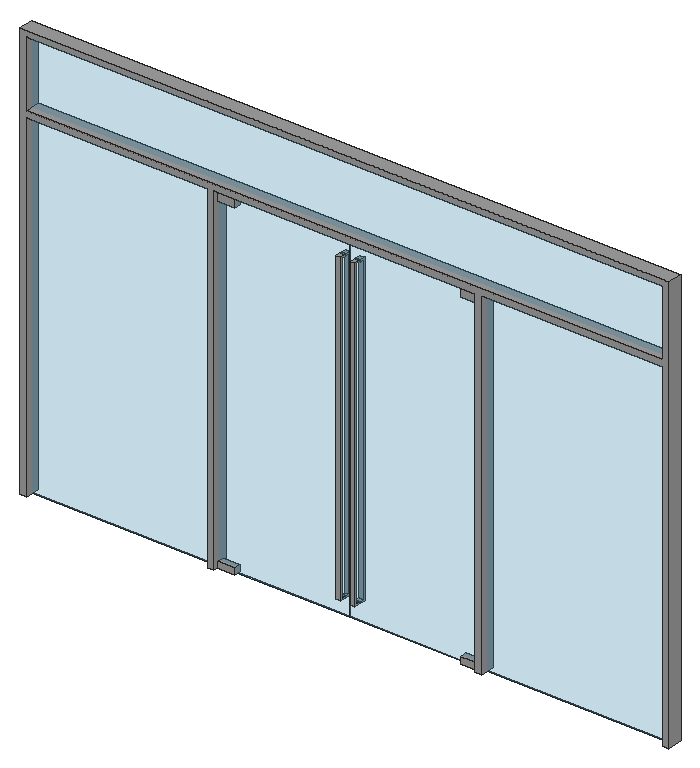
Revit family
Parameters (values of type "TGD(2650X3500)")
  프레임 투영 외부 = 25 mm
  프레임 투영 내부 = 25 mm
  프레임 폭 = 75 mm
  창호부호 = "TGD"
  Function = (empty or 0)
  Assembly Code = ""
  사이드 폭 [instance] = 375 mm
  문틀재료 = "1.6 ST'L EGI PL\r\n"
  문틀마감 = "조합페인트"
  문짝재료 = "1.2mm ST'L EGI PL  양면\r\n"
  문짝마감 = "정전분체도장"
  문번호 = "2"
  문 폭 [instance] = 1900 mm
  Height = 2900 mm
  Wall Closure = (empty or 0)
  Width = 4000 mm
Reference planes
  plane 1: y = 0
  plane 2 "중심(왼쪽/오른쪽)": x = 0
  plane 3 "왼쪽": x = -1325
  plane 4 "오른쪽": x = 1325
  plane 5: z = 2900
  plane 6 "외부": y = 100
  plane 7 "내부": y = -100
  plane 8: y = 0
  plane 9: z = 2300
  plane 10: z = 100
  plane 11: z = 2300
  plane 12: z = 100
  plane 13: z = 2400
  plane 14: z = 0
  plane 15: z = 2245
  plane 16: z = 2300
  plane 17: z = 100
  plane 18: z = 2400
  plane 19: z = 0
  plane 20: z = 2245
  plane 21: x = -950
  plane 22: x = 950
  plane 23: x = 2400
  plane 24: x = -2400
  plane 25: x = -2250
  plane 26: x = 2250
  plane 27: z = 2900
  plane 28: z = 3160
  plane 29: z = 2860
Forms (mm)
  Extrusion 1, solid, material "SNU-강화유리"
    sketch origin (-168.123, -23, -55) x (1, 0, 0) y (0, 1, 0)
      loop
        line (-736.877, 17) -> (168.123, 17) -> (168.123, 29) -> (-736.877, 29) -> (-736.877, 17)
    from 55 to 2410
  Extrusion 2, solid, material "SNU-SST"
    sketch origin (3068.158, 11.405, 100) x (1, 0, 0) y (0, 1, 0)
      loop
        line (-863.158, 38.595) -> (-863.158, -61.405) -> (-818.158, -61.405) -> (-818.158, 38.595) -> (-863.158, 38.595)
    from -100 to 2760
  Extrusion 3, solid, material "SNU-SST"
    sketch origin (480.631, 49, 660) x (1, 0, 0) y (0, 1, 0)
      loop
        line (-2730.438, -99) -> (1769.354, -99) -> (1769.354, 1) -> (-2730.438, 1) -> (-2730.438, -99)
    from 2240 to 2200
  Extrusion 4, solid, material "SNU-SST"
    sketch origin (1215.631, 49, 475) x (1, 0, 0) y (0, 1, 0)
      loop
        line (-3465.631, -99) -> (989.369, -99) -> (989.369, 1) -> (-3465.631, 1) -> (-3465.631, -99)
    from 1925 to 1880
  Extrusion 5, solid, material "SNU-강화유리"
    sketch origin (168.123, -23, -55) x (-1, 0, 0) y (0, -1, 0)
      loop
        line (-736.877, -17) -> (-736.877, -29) -> (168.123, -29) -> (168.123, -17) -> (-736.877, -17)
    from 55 to 2410
  Extrusion 6, solid, material "SNU-SST"
    sketch origin (-415.631, -97.5, -55) x (-1, 0, 0) y (0, -1, 0)
      loop
        line (-1320.631, -120) -> (-1200.631, -120) -> (-1200.631, -75) -> (-1320.631, -75) -> (-1320.631, -120)
    from 55 to 100
  Extrusion 7, solid, material "SNU-SST"
    sketch origin (-415.631, -97.5, 2300) x (-1, 0, 0) y (0, -1, 0)
      loop
        line (-1320.631, -120) -> (-1200.631, -120) -> (-1200.631, -75) -> (-1320.631, -75) -> (-1320.631, -120)
    from 55 to -20
  Sweep 8, solid, material "SNU-SST"
    path origin (-45.644, 1, 0) x (1, 0, 0) y (0, -1, 0)
      loop
        line (9.369, -5) -> (-20.631, -5)
    profile origin (-51.274, 6, 0) x (0, -1, 0) y (0, 0, 1)
      loop
        line (0, 2245) -> (-35, 2245) -> (-35, 110) -> (0, 110) -> (0, 120) -> (-25, 120) -> (-25, 2235) -> (0, 2235) -> (0, 2245)
  Sweep 9, solid, material "SNU-SST"
    path origin (45.644, -1, 0) x (-1, 0, 0) y (0, -1, 0)
      loop
        line (9.369, 5) -> (-20.631, 5)
    profile origin (51.274, -6, 0) x (0, 1, 0) y (0, 0, 1)
      loop
        line (0, 2245) -> (-35, 2245) -> (-35, 110) -> (0, 110) -> (0, 120) -> (-25, 120) -> (-25, 2235) -> (0, 2235) -> (0, 2245)
  Sweep 10, solid, material "SNU-SST"
    path origin (45.644, 1, 0) x (-1, 0, 0) y (0, -1, 0)
      loop
        line (9.369, -5) -> (-20.631, -5)
    profile origin (51.274, 6, 0) x (0, 1, 0) y (0, 0, 1)
      loop
        line (0, 2245) -> (0, 2235) -> (25, 2235) -> (25, 120) -> (0, 120) -> (0, 110) -> (35, 110) -> (35, 2245) -> (0, 2245)
  Extrusion 11, solid, material "SNU-강화유리"
    sketch origin (168.123, -23, 2345) x (-1, 0, 0) y (0, -1, 0)
      loop
        line (-2036.877, -17) -> (-2036.877, -29) -> (2417.931, -29) -> (2417.931, -17) -> (-2036.877, -17)
    from 10 to 515
  Extrusion 12, solid, material "SNU-SST"
    sketch origin (1768.158, 11.405, 100) x (1, 0, 0) y (0, 1, 0)
      loop
        line (-863.158, 38.595) -> (-863.158, -61.405) -> (-818.158, -61.405) -> (-818.158, 38.595) -> (-863.158, 38.595)
    from -100 to 2255
  Extrusion 13, solid, material "SNU-SST"
    sketch origin (415.631, -97.5, -55) x (1, 0, 0) y (0, 1, 0)
      loop
        line (-1320.631, 120) -> (-1320.631, 75) -> (-1200.631, 75) -> (-1200.631, 120) -> (-1320.631, 120)
    from 55 to 100
  Sweep 14, solid, material "SNU-SST"
    path origin (-45.644, -1, 0) x (1, 0, 0) y (0, 1, 0)
      loop
        line (9.369, -5) -> (-20.631, -5)
    profile origin (-51.274, -6, 0) x (0, -1, 0) y (0, 0, 1)
      loop
        line (0, 2245) -> (0, 2235) -> (25, 2235) -> (25, 120) -> (0, 120) -> (0, 110) -> (35, 110) -> (35, 2245) -> (0, 2245)
  Sweep 15, solid, material "SNU-SST"
    path origin (-45.644, 1, 0) x (1, 0, 0) y (0, 1, 0)
      loop
        line (9.369, 5) -> (-20.631, 5)
    profile origin (-51.274, 6, 0) x (0, -1, 0) y (0, 0, 1)
      loop
        line (0, 2245) -> (-35, 2245) -> (-35, 110) -> (0, 110) -> (0, 120) -> (-25, 120) -> (-25, 2235) -> (0, 2235) -> (0, 2245)
  Extrusion 16, solid, material "SNU-SST"
    sketch origin (-1768.158, 11.405, 100) x (-1, 0, 0) y (0, -1, 0)
      loop
        line (-863.158, -38.595) -> (-818.158, -38.595) -> (-818.158, 61.405) -> (-863.158, 61.405) -> (-863.158, -38.595)
    from -100 to 2255
  Extrusion 17, solid, material "SNU-강화유리"
    sketch origin (-1128.123, -23, -55) x (1, 0, 0) y (0, 1, 0)
      loop
        line (-1076.684, 17) -> (178.123, 17) -> (178.123, 29) -> (-1076.684, 29) -> (-1076.684, 17)
    from 55 to 2410
  Extrusion 18, solid, material "SNU-강화유리"
    sketch origin (1128.123, -23, -55) x (-1, 0, 0) y (0, -1, 0)
      loop
        line (-1076.877, -17) -> (-1076.877, -29) -> (178.123, -29) -> (178.123, -17) -> (-1076.877, -17)
    from 55 to 2410
  Extrusion 19, solid, material "SNU-SST"
    sketch origin (-676.649, 11.405, 0) x (1, 0, 0) y (0, 1, 0)
      loop
        line (-1573.158, 38.595) -> (-1573.158, -61.405) -> (-1528.158, -61.405) -> (-1528.158, 38.595) -> (-1573.158, 38.595)
    from 0 to 2860
  Extrusion 20, solid, material "SNU-SST"
    sketch origin (-2105.631, -97.5, 2300) x (-1, 0, 0) y (0, -1, 0)
      loop
        line (-1320.631, -120) -> (-1200.631, -120) -> (-1200.631, -75) -> (-1320.631, -75) -> (-1320.631, -120)
    from 55 to -20
Cuts and joins
  joined: Extrusion 2, Extrusion 3, Extrusion 4, Extrusion 12, Extrusion 16, Extrusion 19
Lines and regions (mm)
  Opening 1
    outline origin (-3079.774, -100, 0) x (1, 0, 0) y (0, 0, 1)
      loop
        line (1754.774, 0) -> (4404.774, 0) -> (4404.774, 2900) -> (1754.774, 2900) -> (1754.774, 0)
  Opening 2
    outline origin (-5179.789, -100, 0) x (1, 0, 0) y (0, 0, 1)
      loop
        line (6354.774, 2900) -> (6354.774, 0) -> (7429.774, 0) -> (7429.774, 28.477) -> (7429.774, 2900) -> (6354.774, 2900)
  Opening 3
    outline origin (-4879.582, -100, 0) x (1, 0, 0) y (0, 0, 1)
      loop
        line (4079.774, 2900) -> (2629.774, 2900) -> (2629.774, 0) -> (4079.774, 0) -> (4079.774, 2900)
  symbolic lines
    curve 1: line (-893, 6, 0) -> (-893, 911, 0)
    curve 2: line (-893, 911, 0) -> (-905, 911, 0)
    curve 3: line (-905, 911, 0) -> (-905, 6, 0)
    curve 4: line (-893, 6, 0) -> (-905, 6, 0)
    curve 5: arc (0, 6, 0) -> (-265.068, 645.932, 0) -> (-905, 911, 0) r 905
    curve 6: line (893, 6, 0) -> (893, 911, 0)
    curve 7: line (893, 911, 0) -> (905, 911, 0)
    curve 8: line (905, 911, 0) -> (905, 6, 0)
    curve 9: arc (0, 6, 0) -> (265.068, 645.932, 0) -> (905, 911, 0) r 905
  symbolic lines, style "입면도 스윙"
    curve 10: line (905, -100, 1177.5) -> (0, -100, 0)
    curve 11: line (905, 100, 1177.5) -> (0, 100, 2355)
    curve 12: line (-905, -100, 1177.5) -> (0, -100, 0)
    curve 13: line (-905, 100, 1177.5) -> (0, 100, 2355)
  model lines
    curve 14: line (893, 6, 0) -> (905, 6, 0)
Text (mm)
  text "Exterior" at (-2295.016, 1099.543, 0), in view "참조 레벨"
  text "Exterior" at (0, 1615.38, 3698.081), in view "왼쪽"
  text "Exterior" at (0, 1036.032, 3874.932), in view "오른쪽"
Dimensions and locks
  equal spacing: plane 3 "왼쪽", plane 2 "중심(왼쪽/오른쪽)", plane 4 "오른쪽"
  plane 3 "왼쪽" to plane 4 "오른쪽" = 2650 mm
  "Height": host wall to plane 5
  host wall to plane 5 = 2900 mm
  locked: plane 6 "외부" to host wall at 0
  locked: plane 7 "내부" to host wall
  Extrusion 1 sketch curve to Extrusion 1 sketch curve = 12 mm
  Extrusion 5 sketch curve to Extrusion 5 sketch curve = 12 mm
  plane 9 to plane 10 = 2200 mm
  plane 11 to plane 12 = 2200 mm
  plane 13 to plane 14 = 2400 mm
  Extrusion 5 to Extrusion 4 = 2355 mm
  Extrusion 4 to Extrusion 3 = 505 mm
  Extrusion 11 sketch curve to Extrusion 11 sketch curve = 12 mm
  plane 16 to plane 17 = 2200 mm
  plane 18 to plane 19 = 2400 mm
  cut or joined group of Extrusion 2, Extrusion 3, Extrusion 4, Extrusion 12, Extrusion 16, Extrusion 19 to Extrusion 1 = 2355 mm
  cut or joined group of Extrusion 2, Extrusion 3, Extrusion 4, Extrusion 12, Extrusion 16, Extrusion 19 to cut or joined group of Extrusion 2, Extrusion 3, Extrusion 4, Extrusion 12, Extrusion 16, Extrusion 19 = 505 mm
  Extrusion 17 sketch curve to Extrusion 17 sketch curve = 12 mm
  Extrusion 18 sketch curve to Extrusion 18 sketch curve = 12 mm
  locked: plane 21 to plane 22 at 1900
  plane 3 "왼쪽" to plane 21 = 375 mm
  Extrusion 11 to Extrusion 3 = 545 mm
  aligned and locked: plane 3 "왼쪽" to Opening 1 sketch curve
  aligned and locked: plane 5 to Opening 1 sketch curve
  aligned and locked: Opening 1 sketch curve to plane 5
  aligned and locked: Opening 1 sketch curve to plane 4 "오른쪽"
  aligned and locked: Opening 1 sketch curve to level
  aligned and locked: host wall to plane 1
  aligned and locked: Extrusion 1 to curve 13
  aligned and locked: cut or joined group of Extrusion 2, Extrusion 3, Extrusion 4, Extrusion 12, Extrusion 16, Extrusion 19 to Extrusion 11
  aligned and locked: Extrusion 18 to cut or joined group of Extrusion 2, Extrusion 3, Extrusion 4, Extrusion 12, Extrusion 16, Extrusion 19
  aligned and locked: Extrusion 11 to cut or joined group of Extrusion 2, Extrusion 3, Extrusion 4, Extrusion 12, Extrusion 16, Extrusion 19
  aligned and locked: Extrusion 4 to Extrusion 2
  aligned and locked: Extrusion 17 to cut or joined group of Extrusion 2, Extrusion 3, Extrusion 4, Extrusion 12, Extrusion 16, Extrusion 19
  aligned and locked: host wall to Extrusion 3
  aligned and locked: plane 27 to plane 5
  aligned and locked: Extrusion 2 to Extrusion 3
  aligned and locked: Extrusion 2 to Extrusion 11
  aligned and locked: Extrusion 5 to Extrusion 7
  aligned and locked: Extrusion 5 to Extrusion 1
  aligned and locked: Extrusion 19 to Extrusion 3
  aligned and locked: Extrusion 3 to host wall  (x2)
  aligned and locked: Extrusion 1 to Extrusion 11
Automatic sketch dimensions
  Extrusion 1 sketch curve to plane 2 "중심(왼쪽/오른쪽)" = 0 mm
  host wall to Extrusion 1 sketch curve = 6 mm
  plane 21 to Extrusion 1 sketch curve = 45 mm
  Extrusion 2 sketch curve to plane 26 = 0 mm
  Extrusion 2 sketch curve to Extrusion 2 sketch curve = 45 mm
  host wall to Extrusion 2 sketch curve = 50 mm
  Extrusion 2 sketch curve to host wall = 50 mm
  plane 25 to Extrusion 3 sketch curve = 0.192 mm
  Extrusion 3 sketch curve to plane 26 = 0.015 mm
  host wall to Extrusion 3 sketch curve = 50 mm
  Extrusion 3 sketch curve to host wall = 50 mm
  Extrusion 4 sketch curve to plane 25 = 0 mm
  Extrusion 4 sketch curve to plane 26 = 45 mm
  host wall to Extrusion 4 sketch curve = 50 mm
  Extrusion 4 sketch curve to host wall = 50 mm
  curve 9 to plane 2 "중심(왼쪽/오른쪽)" = 0 mm
  curve 5 to plane 2 "중심(왼쪽/오른쪽)" = 0 mm
  plane 21 to curve 2 = 57 mm
  curve 5 to curve 1 = 12 mm
  curve 7 to plane 22 = 57 mm
  curve 9 to host wall = 6 mm
  curve 6 to curve 9 = 12 mm
  curve 14 to host wall = 6 mm
  curve 1 to host wall = 6 mm
  curve 5 to curve 3 = 0 mm
  Extrusion 5 sketch curve to plane 2 "중심(왼쪽/오른쪽)" = 0 mm
  host wall to Extrusion 5 sketch curve = 6 mm
  Extrusion 5 sketch curve to plane 22 = 45 mm
  host wall to Extrusion 6 sketch curve = 22.5 mm
  Extrusion 6 sketch curve to plane 22 = 45 mm
  Extrusion 6 sketch curve to Extrusion 6 sketch curve = 120 mm
  Extrusion 6 sketch curve to host wall = 22.5 mm
  host wall to Extrusion 7 sketch curve = 22.5 mm
  Extrusion 7 sketch curve to plane 22 = 45 mm
  Extrusion 7 sketch curve to Extrusion 7 sketch curve = 120 mm
  Extrusion 7 sketch curve to host wall = 22.5 mm
  curve 10 to level = 0 mm
  curve 10 to plane 2 "중심(왼쪽/오른쪽)" = 0 mm
  plane 21 to curve 12 = 45 mm
  curve 10 to plane 22 = 45 mm
  level to curve 12 = 1177.5 mm
  level to curve 10 = 1177.5 mm
  plane 1 to Sweep 8 sketch curve = 6 mm
  plane 2 "중심(왼쪽/오른쪽)" to Sweep 8 sketch curve = 66.274 mm
  Sweep 8 sketch curve to Sweep 8 sketch curve = 30 mm
  Sweep 8 sketch curve to profile plane = 0 mm  (x2)
  Sweep 8 sketch curve to Sweep 8 sketch curve = 25 mm
  Sweep 8 sketch curve to Sweep 8 sketch curve = 10 mm  (x3)
  plane 10 to Sweep 8 sketch curve = 10 mm
  Sweep 8 sketch curve to plane 9 = 65 mm
  plane 1 to Sweep 9 sketch curve = 6 mm
  plane 2 "중심(왼쪽/오른쪽)" to Sweep 9 sketch curve = 66.274 mm
  Sweep 9 sketch curve to Sweep 9 sketch curve = 30 mm
  Sweep 9 sketch curve to profile plane = 0 mm  (x2)
  Sweep 9 sketch curve to Sweep 9 sketch curve = 25 mm
  Sweep 9 sketch curve to Sweep 9 sketch curve = 10 mm  (x3)
  plane 12 to Sweep 9 sketch curve = 10 mm
  Sweep 9 sketch curve to plane 11 = 65 mm
  Sweep 10 sketch curve to plane 1 = 6 mm
  plane 2 "중심(왼쪽/오른쪽)" to Sweep 10 sketch curve = 66.274 mm
  Sweep 10 sketch curve to Sweep 10 sketch curve = 30 mm
  Sweep 10 sketch curve to profile plane = 0 mm  (x2)
  Sweep 10 sketch curve to plane 15 = 0 mm
  Sweep 10 sketch curve to plane 15 = 10 mm
  Sweep 10 sketch curve to Sweep 10 sketch curve = 25 mm
  Sweep 10 sketch curve to Sweep 10 sketch curve = 10 mm  (x2)
  profile plane to Sweep 10 sketch curve = 120 mm
  plane 25 to Extrusion 11 sketch curve = 0.192 mm
  host wall to Extrusion 11 sketch curve = 6 mm
  Extrusion 11 sketch curve to plane 26 = 45 mm
  Extrusion 12 sketch curve to plane 22 = 0 mm
  Extrusion 12 sketch curve to Extrusion 12 sketch curve = 45 mm
  host wall to Extrusion 12 sketch curve = 50 mm
  Extrusion 12 sketch curve to host wall = 50 mm
  host wall to Extrusion 13 sketch curve = 22.5 mm
  plane 21 to Extrusion 13 sketch curve = 45 mm
  Extrusion 13 sketch curve to Extrusion 13 sketch curve = 120 mm
  Extrusion 13 sketch curve to host wall = 22.5 mm
  plane 1 to Sweep 14 sketch curve = 6 mm
  Sweep 14 sketch curve to plane 2 "중심(왼쪽/오른쪽)" = 66.274 mm
  Sweep 14 sketch curve to Sweep 14 sketch curve = 30 mm
  Sweep 14 sketch curve to profile plane = 0 mm  (x2)
  Sweep 14 sketch curve to profile plane = 25 mm
  Sweep 14 sketch curve to Sweep 14 sketch curve = 10 mm  (x3)
  plane 17 to Sweep 14 sketch curve = 10 mm
  Sweep 14 sketch curve to plane 16 = 65 mm
  Sweep 15 sketch curve to plane 1 = 6 mm
  Sweep 15 sketch curve to plane 2 "중심(왼쪽/오른쪽)" = 66.274 mm
  Sweep 15 sketch curve to Sweep 15 sketch curve = 30 mm
  Sweep 15 sketch curve to plane 20 = 0 mm
  Sweep 15 sketch curve to profile plane = 0 mm  (x2)
  profile plane to Sweep 15 sketch curve = 25 mm
  Sweep 15 sketch curve to Sweep 15 sketch curve = 10 mm  (x2)
  Sweep 15 sketch curve to plane 20 = 10 mm
  profile plane to Sweep 15 sketch curve = 120 mm
  Extrusion 16 sketch curve to plane 21 = 0 mm
  plane 21 to Extrusion 16 sketch curve = 45 mm
  Extrusion 16 sketch curve to host wall = 50 mm
  host wall to Extrusion 16 sketch curve = 50 mm
  Extrusion 17 sketch curve to plane 21 = 0 mm
  host wall to Extrusion 17 sketch curve = 6 mm
  plane 25 to Extrusion 17 sketch curve = 45.192 mm
  Extrusion 18 sketch curve to plane 22 = 0 mm
  host wall to Extrusion 18 sketch curve = 6 mm
  Extrusion 18 sketch curve to plane 26 = 45 mm
  plane 25 to Extrusion 19 sketch curve = 0.192 mm
  Extrusion 19 sketch curve to Extrusion 19 sketch curve = 45 mm
  host wall to Extrusion 19 sketch curve = 50 mm
  Extrusion 19 sketch curve to host wall = 50 mm
  Opening 2 sketch curve to plane 5 = 0 mm
  Opening 2 sketch curve to level = 0 mm
  plane 4 "오른쪽" to Opening 2 sketch curve = 150.015 mm
  Opening 2 sketch curve to plane 26 = 0.015 mm
  level to Opening 2 sketch curve = 28.477 mm
  Opening 3 sketch curve to plane 5 = 0 mm
  Opening 3 sketch curve to level = 0 mm
  plane 25 to Opening 3 sketch curve = 0.192 mm
  plane 21 to Opening 3 sketch curve = 150.192 mm
  host wall to Extrusion 20 sketch curve = 22.5 mm
  plane 21 to Extrusion 20 sketch curve = 165 mm
  plane 21 to Extrusion 20 sketch curve = 45 mm
  Extrusion 20 sketch curve to host wall = 22.5 mm
  curve 11 to plane 22 = 45 mm
  plane 21 to curve 13 = 45 mm
  level to curve 13 = 1177.5 mm
  level to curve 11 = 1177.5 mm
  curve 13 to plane 29 = 505 mm
